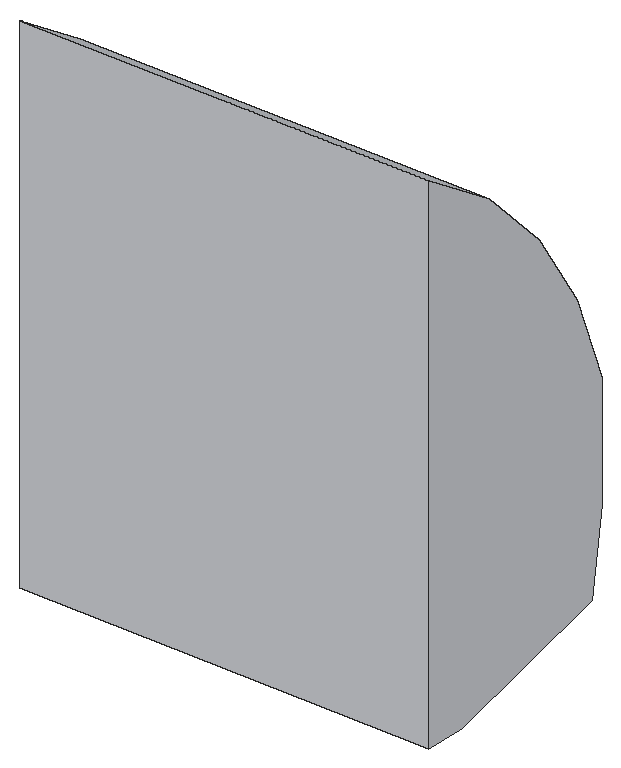
Revit family "DAN DRYER Stainless Design Mini Design 280", category Furniture Systems, host Wall, Revit 2018
Family settings
  Host = Wall
  Round Connector Dimension = Use Diameter
  Part Type = Normal
  Always vertical = Yes
  Cut with Voids When Loaded = No
  Shared = No
  Room Calculation Point = No
Parameters (values of type "Stål")
  Wicth = 304 mm
  URL = "http://www.dandryer.com/Files/Billeder/PDF/Datablade/Nye/Technical%20data%20sheet%20280.pdf"
  Type Image = <None>
  Offset from Floor = 1500 mm
  Model = "Stainless design"
  Manufacturer = "http://www.dandryer.com/"
  Height = 378 mm
  Description = "WARM-AIR HAND DRYER with IR sensor, type AE DESIGN, Art. no. 280"
  Cost = 0
Reference planes
  plane 1 "Wall": y = 0
  plane 2 "Center (Left/Right)": x = 125
  plane 3 "Back": y = 75
  plane 4 "Top": z = 1500
  plane 5 "Bund": z = 1122
  plane 6: x = 277
  plane 7: x = -27
Forms (mm)
  Extrusion 1, solid
    sketch origin (125, 0, 0) x (0, 1, 0) y (0, 0, 1)
      loop
        line (75, 1122) -> (105, 1122) -> (225.741, 1154.352) -> (235.127, 1213.614) -> (235.127, 1298.2)
        arc (235.127, 1298.2) -> (176.486, 1416.099) -> (75, 1500) r 317.01
        line (75, 1500) -> (75, 1122)
    from -152 to 152
  Extrusion 2, void
    sketch origin (118.75, 105, 1122) x (0, -0.965926, -0.258819) y (1, 0, 0)
      loop
        line (-17.596, -81.466) -> (-31.155, -81.466)
        arc (-31.155, -81.466) -> (-34.972, -85.283) -> (-31.155, -89.1) r 3.817
        line (-31.155, -89.1) -> (-17.596, -89.1)
        arc (-17.596, -89.1) -> (-13.779, -85.283) -> (-17.596, -81.466) r 3.817
      loop
        circle (-69.93, 113.393) r 25
      loop
        line (-17.596, -60.092) -> (-31.155, -60.092)
        arc (-31.155, -60.092) -> (-34.972, -63.909) -> (-31.155, -67.726) r 3.817
        line (-31.155, -67.726) -> (-17.596, -67.726)
        arc (-17.596, -67.726) -> (-13.779, -63.909) -> (-17.596, -60.092) r 3.817
      loop
        line (-17.596, -38.718) -> (-31.155, -38.718)
        arc (-31.155, -38.718) -> (-34.972, -42.535) -> (-31.155, -46.352) r 3.817
        line (-31.155, -46.352) -> (-17.596, -46.352)
        arc (-17.596, -46.352) -> (-13.779, -42.535) -> (-17.596, -38.718) r 3.817
      loop
        line (-17.596, -17.344) -> (-31.155, -17.344)
        arc (-31.155, -17.344) -> (-34.972, -21.161) -> (-31.155, -24.978) r 3.817
        line (-31.155, -24.978) -> (-17.596, -24.978)
        arc (-17.596, -24.978) -> (-13.779, -21.161) -> (-17.596, -17.344) r 3.817
      loop
        line (-17.596, 4.03) -> (-31.155, 4.03)
        arc (-31.155, 4.03) -> (-34.972, 0.213) -> (-31.155, -3.604) r 3.817
        line (-31.155, -3.604) -> (-17.596, -3.604)
        arc (-17.596, -3.604) -> (-13.779, 0.213) -> (-17.596, 4.03) r 3.817
      loop
        line (-17.596, 25.404) -> (-31.155, 25.404)
        arc (-31.155, 25.404) -> (-34.972, 21.587) -> (-31.155, 17.77) r 3.817
        line (-31.155, 17.77) -> (-17.596, 17.77)
        arc (-17.596, 17.77) -> (-13.779, 21.587) -> (-17.596, 25.404) r 3.817
      loop
        line (-17.596, 46.778) -> (-31.155, 46.778)
        arc (-31.155, 46.778) -> (-34.972, 42.961) -> (-31.155, 39.144) r 3.817
        line (-31.155, 39.144) -> (-17.596, 39.144)
        arc (-17.596, 39.144) -> (-13.779, 42.961) -> (-17.596, 46.778) r 3.817
      loop
        line (-17.596, 68.152) -> (-31.155, 68.152)
        arc (-31.155, 68.152) -> (-34.972, 64.335) -> (-31.155, 60.518) r 3.817
        line (-31.155, 60.518) -> (-17.596, 60.518)
        arc (-17.596, 60.518) -> (-13.779, 64.335) -> (-17.596, 68.152) r 3.817
      loop
        line (-17.596, 89.526) -> (-31.155, 89.526)
        arc (-31.155, 89.526) -> (-34.972, 85.709) -> (-31.155, 81.892) r 3.817
        line (-31.155, 81.892) -> (-17.596, 81.892)
        arc (-17.596, 81.892) -> (-13.779, 85.709) -> (-17.596, 89.526) r 3.817
      loop
        line (-17.596, 110.9) -> (-31.155, 110.9)
        arc (-31.155, 110.9) -> (-34.972, 107.083) -> (-31.155, 103.267) r 3.817
        line (-31.155, 103.267) -> (-17.596, 103.267)
        arc (-17.596, 103.267) -> (-13.779, 107.083) -> (-17.596, 110.9) r 3.817
      loop
        circle (-76.191, 59.272) r 15.514
    from 0 to 5
  Extrusion 3, solid
    sketch origin (125, 105, 1122) x (0, 0.965926, 0.258819) y (1, 0, 0)
      loop
        line (44.918, 107.164) -> (94.87, 107.164)
        arc (94.87, 107.164) -> (94.805, 108.968) -> (94.609, 110.763) r 24.976
        line (94.609, 110.763) -> (45.179, 110.763)
        arc (45.179, 110.763) -> (44.983, 108.968) -> (44.918, 107.164) r 24.976
      loop
        line (49.9, 122.132) -> (89.888, 122.132)
        arc (89.888, 122.132) -> (88.315, 124.03) -> (86.563, 125.763) r 24.976
        line (86.563, 125.763) -> (53.225, 125.763)
        arc (53.225, 125.763) -> (51.473, 124.03) -> (49.9, 122.132) r 24.976
      loop
        line (90.843, 120.763) -> (48.945, 120.763)
        arc (48.945, 120.763) -> (47.904, 119.006) -> (47.01, 117.17) r 24.976
        line (47.01, 117.17) -> (92.778, 117.17)
        arc (92.778, 117.17) -> (91.884, 119.006) -> (90.843, 120.763) r 24.976
      loop
        line (45.422, 112.158) -> (94.366, 112.158)
        arc (94.366, 112.158) -> (93.922, 113.98) -> (93.343, 115.763) r 24.976
        line (93.343, 115.763) -> (46.445, 115.763)
        arc (46.445, 115.763) -> (45.866, 113.98) -> (45.422, 112.158) r 24.976
      loop
        line (54.805, 127.067) -> (84.982, 127.067)
        arc (84.982, 127.067) -> (69.894, 132.14) -> (54.805, 127.067) r 24.976
      loop
        arc (51.043, 90.763) -> (53.004, 88.743) -> (55.18, 86.957) r 25
        line (55.18, 86.957) -> (84.679, 86.957)
        arc (84.679, 86.957) -> (86.855, 88.743) -> (88.817, 90.763) r 25
        line (88.817, 90.763) -> (51.043, 90.763)
      loop
        arc (89.826, 92.005) -> (91.092, 93.831) -> (92.19, 95.763) r 25
        line (92.19, 95.763) -> (47.67, 95.763)
        arc (47.67, 95.763) -> (48.768, 93.831) -> (50.034, 92.005) r 25
        line (50.034, 92.005) -> (89.826, 92.005)
      loop
        arc (45.742, 100.823) -> (46.321, 98.92) -> (47.05, 97.068) r 25
        line (47.05, 97.068) -> (92.81, 97.068)
        arc (92.81, 97.068) -> (93.539, 98.92) -> (94.118, 100.823) r 25
        line (94.118, 100.823) -> (45.742, 100.823)
      loop
        arc (94.424, 102.14) -> (94.725, 103.946) -> (94.892, 105.769) r 25
        line (94.892, 105.769) -> (44.968, 105.769)
        arc (44.968, 105.769) -> (45.135, 103.946) -> (45.436, 102.14) r 25
        line (45.436, 102.14) -> (94.424, 102.14)
      loop
        arc (56.971, 85.763) -> (69.93, 82.143) -> (82.888, 85.763) r 25
        line (82.888, 85.763) -> (56.971, 85.763)
      loop
        circle (69.894, 107.404) r 26.725
    from 0 to 4.902
Cuts and joins
  Extrusion 2 cuts Extrusion 1
Text (mm)
  text "Placement Side" at (-1848.837, 1116.779, 0), in view "Ref. Level"
  text "Placement side" at (0, 1409.804, 2854.306), in view "Left"
  text "Placement side" at (0, 499.811, 2980.732), in view "Right"
Dimensions and locks
  locked: plane 3 "Back" to host wall
  "Height": plane 5 "Bund" to plane 4 "Top"
  equal spacing: plane 7, plane 2 "Center (Left/Right)", plane 6
  "Wicth": plane 7 to plane 6
  "Offset from Floor": level to plane 4 "Top"
  aligned and locked: plane 1 "Wall" to host wall
  aligned and locked: Extrusion 1 sketch curve to host wall
  aligned and locked: plane 7 to Extrusion 1
  aligned and locked: Extrusion 1 to plane 6
Automatic sketch dimensions
  Extrusion 1 to Extrusion 2 sketch curve = 48.809 mm
  Extrusion 2 sketch curve to Extrusion 2 sketch curve = 6.261 mm
  Extrusion 1 to Extrusion 2 sketch curve = 31.155 mm  (x2)
  Extrusion 2 sketch curve to Extrusion 2 sketch curve = 0 mm  (x8)
  Extrusion 2 sketch curve to Extrusion 2 sketch curve = 13.559 mm  (x10)
  Extrusion 2 sketch curve to Extrusion 1 = 56.65 mm
  Extrusion 2 sketch curve to Extrusion 2 sketch curve = 3.817 mm  (x10)
  Extrusion 2 sketch curve to Extrusion 2 sketch curve = 13.74 mm  (x9)
  Extrusion 2 sketch curve to Extrusion 2 sketch curve = 12.494 mm
  Extrusion 2 sketch curve to Extrusion 2 sketch curve = 2.492 mm
  Extrusion 3 sketch curve to Extrusion 3 sketch curve = 0 mm  (x32)
  Extrusion 3 sketch curve to Extrusion 1 = 44.918 mm
  Extrusion 3 sketch curve to Extrusion 3 sketch curve = 0.05 mm
  Extrusion 3 sketch curve to Extrusion 3 sketch curve = 0.261 mm  (x2)
  Extrusion 3 sketch curve to Extrusion 3 sketch curve = 0.244 mm  (x2)
  Extrusion 3 sketch curve to Extrusion 3 sketch curve = 0.468 mm
  Extrusion 3 sketch curve to Extrusion 3 sketch curve = 0.306 mm  (x2)
  Extrusion 3 sketch curve to Extrusion 3 sketch curve = 1.023 mm
  Extrusion 3 sketch curve to Extrusion 3 sketch curve = 0.565 mm  (x2)
  Extrusion 3 sketch curve to Extrusion 3 sketch curve = 1.308 mm
  Extrusion 3 sketch curve to Extrusion 3 sketch curve = 0.62 mm  (x2)
  Extrusion 3 sketch curve to Extrusion 3 sketch curve = 1.935 mm
  Extrusion 3 sketch curve to Extrusion 3 sketch curve = 0.955 mm  (x2)
  Extrusion 3 sketch curve to Extrusion 3 sketch curve = 2.364 mm
  Extrusion 3 sketch curve to Extrusion 3 sketch curve = 1.009 mm  (x2)
  Extrusion 3 sketch curve to Extrusion 3 sketch curve = 3.324 mm
  Extrusion 3 sketch curve to Extrusion 3 sketch curve = 1.581 mm  (x2)
  Extrusion 3 sketch curve to Extrusion 3 sketch curve = 4.137 mm
  Extrusion 3 sketch curve to Extrusion 3 sketch curve = 1.791 mm  (x2)
  Extrusion 3 sketch curve to Extrusion 3 sketch curve = 24.926 mm
  Extrusion 3 sketch curve to Extrusion 3 sketch curve = 0.036 mm
  Extrusion 1 to Extrusion 3 sketch curve = 66.237 mm
  Extrusion 3 sketch curve to Extrusion 3 sketch curve = 1.194 mm
  Extrusion 3 sketch curve to Extrusion 3 sketch curve = 3.806 mm
  Extrusion 3 sketch curve to Extrusion 3 sketch curve = 1.242 mm
  Extrusion 3 sketch curve to Extrusion 3 sketch curve = 1.305 mm
  Extrusion 3 sketch curve to Extrusion 3 sketch curve = 1.317 mm
  Extrusion 3 sketch curve to Extrusion 3 sketch curve = 0.021 mm
  Extrusion 3 sketch curve to Extrusion 3 sketch curve = 1.395 mm
  Extrusion 3 sketch curve to Extrusion 3 sketch curve = 1.407 mm
  Extrusion 3 sketch curve to Extrusion 3 sketch curve = 1.369 mm
  Extrusion 3 sketch curve to Extrusion 3 sketch curve = 1.304 mm
  Extrusion 1 sketch curve to plane 5 "Bund" = 0 mm
  Extrusion 1 sketch curve to plane 4 "Top" = 0 mm
  Extrusion 1 sketch curve to host wall = 3.156 mm
  Extrusion 1 sketch curve to Extrusion 1 sketch curve = 30 mm
  plane 5 "Bund" to Extrusion 1 sketch curve = 32.352 mm
  Extrusion 1 sketch curve to Extrusion 1 sketch curve = 120.741 mm
  Extrusion 1 sketch curve to Extrusion 1 sketch curve = 9.386 mm
  Extrusion 1 sketch curve to Extrusion 1 sketch curve = 59.261 mm
  plane 5 "Bund" to Extrusion 1 sketch curve = 97.051 mm
  radius of Extrusion 2 sketch curve = 25 mm
  radius of Extrusion 2 sketch curve = 15.514 mm
  radius of Extrusion 3 sketch curve = 26.725 mm
